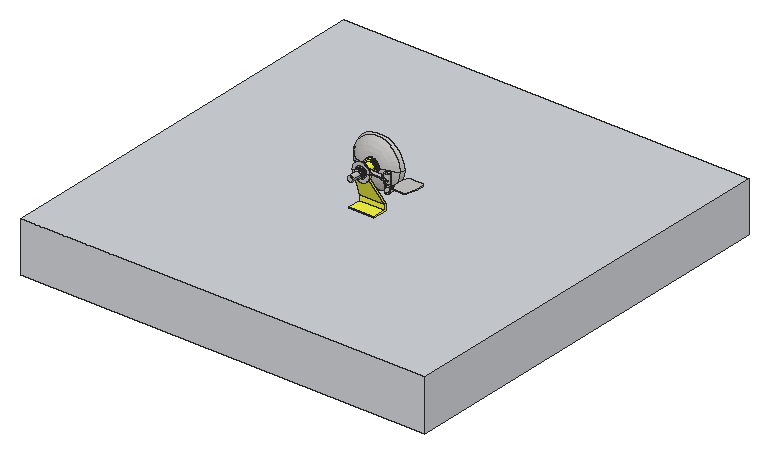
Revit family
Parameters (values of type "S0440")
  Waste Connection = yes
  WFU = 0
  Voltage = 0
  Vent Connection = no
  URL = "http://www.acornsafety.com"
  Type Comments = ""
  Tempered Water Connection = no
  TMV8 - Thermostatic mixing valve is ASSE Listed per the ASSE 1071 standard. The tepid output water complies with ANSI Z358.1 standard. = no
  SV2 - Stainless steel ball valve = no
  SPV - Scald protection valve = no
  SDC - Stainless steel dust covers = no
  Revised Date = "12/07/11"
  Phone# = "626-336-4561"
  PT1 - P-trap, chrome plated brass with 1-1/4" OD waste outlet = no
  Model = "S0440"
  Material = Stainless Steel
  Manufacturer = "Acorn Safety"
  MS1 - MAP (magnetically actuated proximity) switch, for one (1) actuator = no
  LWB - Less wall bracket = no
  HWFU = 0
  HW Connection = no
  FPV - Freeze protection valve = no
  FLW2 - Flow switch, single pole = no
  Designed By = "ATS BIM Team"
  Description = "Wall Mounted Eye/Face Wash, Stainless Steel Bowl"
  Default Elevation = 41 3/4"
  CWFU = 0
  CW Connection = yes
  CS1 - Stainless steel "clam shell" cover = no
  BF - Barrier free, handicap accessible = no
  Assembly Code = ""
  Amperage = 0
  "1" - Auxiliary hand-held drench hose with a self-closing valve (Use model S0441) = no
Reference planes (in)
  plane 1 "Center (Front/Back)": y = 0
  plane 2: z = 0
  plane 3 "Center (Left/Right)": x = 0
  plane 4: z = 8.625
  plane 5: z = 4.40673
  plane 6: z = 5.625
  plane 7: y = -41.74006
  plane 8: y = -10.11506
  plane 9: y = -5.74835
  plane 10: x = 5.375
  plane 11: through (1.55014, -30.98079, 188.625) normal (0.9397, -0.342, 0)
  plane 12: through (-1.55014, -30.98079, 188.625) normal (0.9397, 0.342, 0)
  plane 13: x = -5.87646
  plane 14: y = 0
  plane 15: y = -1.375
Forms (in)
  Extrusion 1, solid
    sketch origin (0, 0, 0) x (1, 0, 0) y (0, 1, 0)
      loop
        line (-48, 48) -> (-48, -48) -> (48, -48) -> (48, 48) -> (-48, 48)
    from 0 to -12
  Sweep 2, solid, material "Stainless Steel" <- "Material"
    path origin (0, -1.375, -3) x (0, 1, 0) y (0, 0, 1)
      loop
        line (-5.125, 11.625) -> (-8.75, 11.625)
    profile origin (0, -8.3125, 8.625) x (0, 0, -1) y (1, 0, 0)
      loop
        circle (0, 0) r 0.625
  Revolve 3, solid, material "Stainless Steel" <- "Material"
    sketch origin (0, -1.375, 8.625) x (1, 0, 0) y (0, 1, 0)
      loop
        line (0, -2.32968) -> (-1.6311, -2.32968)
        arc (-1.6311, -2.32968) -> (-1.61035, -2.33922) -> (-1.60164, -2.36033) r 0.03125
        line (-1.60164, -2.36033) -> (-1.6006, -2.41988)
        arc (-1.6006, -2.41988) -> (-1.59223, -2.44062) -> (-1.57214, -2.45045) r 0.03125
        line (-1.57214, -2.45045) -> (-1.37075, -2.46807) -> (-1.3125, -2.49485) -> (-1.3125, -2.74535)
        arc (-1.3125, -2.74535) -> (-1.29493, -2.78778) -> (-1.2525, -2.80535) r 0.06
        line (-1.2525, -2.80535) -> (-1.06, -2.80535)
        arc (-1.06, -2.80535) -> (-1.01757, -2.82293) -> (-1, -2.86535) r 0.06
        line (-1, -2.86535) -> (-1, -5.2991)
        arc (-1, -5.2991) -> (-0.98169, -5.3433) -> (-0.9375, -5.3616) r 0.0625
        line (-0.9375, -5.3616) -> (-2.12227, -5.3616) -> (-2.12227, -5.4846) -> (-1.208, -5.4846) -> (-1.23, -5.5066) -> (-1.23, -5.5726) -> (-1.208, -5.5946) -> (-0.88864, -5.5946) -> (-0.88864, -5.77969) -> (-0.77351, -5.78129) -> (-0.8364, -5.81762) -> (-0.76442, -5.85919) -> (-0.83853, -5.90201) -> (-0.76194, -5.94625) -> (-0.8318, -5.9866) -> (-0.8725, -5.9866) -> (-0.8725, -6.1186) -> (-0.75392, -6.1186) -> (-0.84276, -6.16992) -> (-0.8875, -6.16992) -> (-0.8875, -6.35128)
        arc (-0.8875, -6.35128) -> (-0.83572, -6.42913) -> (-0.76802, -6.49361) r 0.42036
        line (-0.76802, -6.49361) -> (0, -6.49361) -> (0, -2.32968)
      axis (0, -6.49361) -> (0, -2.32968)
    angle from 0 to 360
  Revolve 4, solid, material "Stainless Steel" <- "Material"
    sketch origin (0, -1.375, 8.625) x (1, 0, 0) y (0, 1, 0)
      loop
        arc (-5.60187, -0.75443) -> (-3.85502, -1.86466) -> (-1.83814, -2.32968) r 6.125
        line (-1.83814, -2.32968) -> (0, -2.32968) -> (0, -2.2789) -> (-1.83669, -2.2789)
        arc (-1.83669, -2.2789) -> (-3.83029, -1.81996) -> (-5.55846, -0.72522) r 6.07422
        line (-5.55846, -0.72522) -> (-5.82242, 0) -> (-5.87646, 0) -> (-5.60187, -0.75443)
      axis (0, -2.32968) -> (0, 0)
    angle from 0 to 360
  Revolve 5, solid, material "Stainless Steel" <- "Material"
    sketch origin (0, -2.0742, 8.625) x (1, 0, 0) y (0, 1, 0)
      loop
        arc (1.05924, -4.1121) -> (1.01669, -4.12781) -> (1.00052, -4.17019) r 0.05484
        arc (1.00052, -4.17019) -> (0.91578, -3.92832) -> (0.88302, -3.67413) r 1.22956
        line (0.88302, -3.67413) -> (6.05564, -3.67413)
        arc (6.05564, -3.67413) -> (5.7098, -4.25204) -> (5.03698, -4.22226) r 0.6573
        arc (5.03698, -4.22226) -> (5.01202, -4.21128) -> (4.98485, -4.2091) r 0.0818
        line (4.98485, -4.2091) -> (4.41846, -4.2091)
        arc (4.41846, -4.2091) -> (4.34107, -4.1771) -> (4.309, -4.09973) r 0.10938
        line (4.309, -4.09973) -> (4.309, -4.0116) -> (1.125, -4.0116) -> (1.125, -4.05166)
        arc (1.125, -4.05166) -> (1.10741, -4.09405) -> (1.065, -4.1116) r 0.06
      axis (0.88302, -3.67413) -> (6.05564, -3.67413)
    angle from 0 to 360
  Revolve 6, solid, material "Stainless Steel" <- "Material"
    sketch origin (-0.024, -5.74833, -3) x (1, 0, 0) y (0, 0, 1)
      loop
        line (5.399, 12.839) -> (5.399, 8.62565) -> (5.804, 8.62565)
        arc (5.804, 8.62565) -> (5.87471, 8.65494) -> (5.904, 8.72565) r 0.1
        line (5.904, 8.72565) -> (5.904, 9.06306) -> (5.964, 9.0977) -> (5.964, 9.98206) -> (5.93836, 10.0077) -> (5.924, 10.03988)
        arc (5.924, 10.03988) -> (5.91698, 10.05916) -> (5.89921, 10.06942) r 0.03
        arc (5.89921, 10.06942) -> (5.88039, 10.07807) -> (5.86822, 10.09485) r 0.04087
        line (5.86822, 10.09485) -> (5.86822, 10.12924)
        arc (5.86822, 10.12924) -> (5.87421, 10.14786) -> (5.89067, 10.15845) r 0.0289
        arc (5.89067, 10.15845) -> (5.90742, 10.16895) -> (5.914, 10.1876) r 0.03
        line (5.914, 10.1876) -> (5.914, 10.59534)
        arc (5.914, 10.59534) -> (5.89564, 10.63944) -> (5.8515, 10.6577) r 0.0625
        line (5.8515, 10.6577) -> (5.819, 10.6577) -> (5.819, 10.749) -> (5.86775, 10.749) -> (6.05525, 10.9365) -> (6.05498, 12.839) -> (5.399, 12.839)
      axis (5.399, 12.839) -> (5.399, 8.62565)
    angle from 0 to 360
  Extrusion 7, solid, material "Stainless Steel" <- "Material"
    sketch origin (0, -2.0742, -3) x (1, 0, 0) y (0, 1, 0)
      loop
        line (6.2846, -0.66921) -> (6.2846, -4.1741) -> (6.488, -4.1741) -> (9.57746, -4.1741)
        arc (9.57746, -4.1741) -> (9.80604, -4.09647) -> (9.93994, -3.89561) r 0.375
        line (9.93994, -3.89561) -> (10.62602, -1.30609)
        arc (10.62602, -1.30609) -> (10.65111, -1.17911) -> (10.6596, -1.04996) r 1
        line (10.6596, -1.04996) -> (10.6596, -0.30006)
        arc (10.6596, -0.30006) -> (10.29382, 0.58444) -> (9.4096, 0.9509) r 1.25
        line (9.4096, 0.9509) -> (7.738, 0.9509)
        arc (7.738, 0.9509) -> (6.85412, 0.58478) -> (6.488, -0.2991) r 1.25
        arc (6.488, -0.2991) -> (6.47803, -0.37484) -> (6.4488, -0.44541) r 0.29261
        line (6.4488, -0.44541) -> (6.31111, -0.61234)
        arc (6.31111, -0.61234) -> (6.29155, -0.63784) -> (6.2846, -0.66921) r 0.07423
    from 10.1183 to 10.2277
  Revolve 8, solid, material "Stainless Steel" <- "Material"
    sketch origin (0, -5.74835, -3) x (1, 0, 0) y (0, 0, 1)
      loop
        line (6.13144, 10.1733) -> (6.09114, 10.1733) -> (6.09114, 9.19049) -> (6.209, 9.19049) -> (6.224, 9.22124) -> (6.224, 9.9927) -> (6.19418, 10.00789) -> (6.1615, 10.02756) -> (6.1615, 10.14337)
        arc (6.1615, 10.14337) -> (6.15267, 10.16456) -> (6.13144, 10.1733) r 0.03
      axis (6.09114, 9.19049) -> (6.09114, 10.1733)
    angle from 0 to 360
  Sweep 9, solid, material "Stainless Steel" <- "Material"
    path origin (0, -1.375, 0) x (0, 1, 0) y (0, 0, 1)
      loop
        line (-5.53103, 0) -> (-2.03103, 0) -> (-2.03103, 1.40673)
    profile origin (0, -5.15603, 0) x (0, 0, 1) y (1, 0, 0)
      loop
        line (0, -3) -> (0.125, -3) -> (0.125, 3) -> (0, 3) -> (0, -3)
  Extrusion 10, solid, material "Stainless Steel" <- "Material"
    sketch origin (0, 7.63741, 2.18751) x (1, 0, 0) y (0, -0.461749, 0.887011)
      loop
        line (1.85674, 11.625) -> (-1.85674, 11.625) -> (-3, 4.40673) -> (3, 4.40673) -> (1.85674, 11.625)
    from 10.15617 to 10.28117
  Sweep 11, solid, material "Stainless Steel" <- "Material"
    path origin (-60, -6.9558, 8.64981) x (1, 0, 0) y (0, 1, 0)
      loop
        line (57.00731, 5.63196) -> (63.00731, 5.63196)
    profile origin (0.00731, -1.32384, 8.64981) x (0, 1, 0) y (0, 0, 1)
      loop
        circle (0, 0) r 0.1875
  Revolve 12, solid, material "Stainless Steel" <- "Material"
    sketch origin (-60, -7.79778, 8.64981) x (1, 0, 0) y (0, 1, 0)
      loop
        arc (60, 7.03276) -> (59.73106, 6.9776) -> (59.51646, 6.80639) r 0.58813
        arc (59.51646, 6.80639) -> (59.48221, 6.74315) -> (59.47037, 6.67222) r 0.21833
        line (59.47037, 6.67222) -> (59.47037, 6.25676) -> (60, 6.25676) -> (60, 7.03276)
      axis (60, 6.25676) -> (60, 7.03276)
    angle from 0 to 360
  Extrusion 13, solid, material "Stainless Steel" <- "Material"
    sketch origin (0, -8.44409, 8.64981) x (0, 0, 1) y (1, 0, 0)
      loop
        circle (0, 0) r 0.53405
    from 4.90676 to 7.16301
  Revolve 14, solid, material "Stainless Steel" <- "Material"
    sketch origin (-45.12791, -45.44376, 8.625) x (-0.939693, 0.34202, 0) y (-0.34202, -0.939693, 0)
      loop
        line (-24.4214, -56.33842) -> (-24.8189, -56.33842) -> (-24.8189, -56.45978) -> (-25.1814, -56.82228) -> (-25.1814, -56.97228) -> (-24.4214, -56.97228) -> (-24.4214, -56.33842)
      axis (-24.4214, -56.33842) -> (-24.4214, -56.97228)
    angle from 0 to 360
  Revolve 15, solid, material "Stainless Steel" <- "Material"
    sketch origin (0, -40.92278, 8.625) x (1, 0, 0) y (0, 1, 0)
      loop
        line (-1.42667, 37.37892) -> (-1.42667, 37.09732) -> (0, 37.09732) -> (0, 37.61872) -> (-1.18688, 37.61872)
        arc (-1.18688, 37.61872) -> (-1.35644, 37.54848) -> (-1.42667, 37.37892) r 0.23979
      axis (0, 37.09732) -> (0, 37.61872)
    angle from 0 to 360
  Revolve 16, solid, material "Stainless Steel" <- "Material"
    sketch origin (0, -0.97361, 8.625) x (1, 0, 0) y (0, 1, 0)
      loop
        line (-2.91043, 0.11803) -> (-3.16695, -0.58674) -> (-2.93202, -0.67224) -> (-2.67551, 0.03253) -> (-2.91043, 0.11803)
      axis (-3.16695, -0.58674) -> (-2.91043, 0.11803)
    angle from 0 to 360
  Revolve 17, solid, material "Stainless Steel" <- "Material"
    sketch origin (0, -0.97361, 8.625) x (-1, 0, 0) y (0, -1, 0)
      loop
        line (-2.91043, -0.11803) -> (-2.67551, -0.03253) -> (-2.93202, 0.67224) -> (-3.16695, 0.58674) -> (-2.91043, -0.11803)
      axis (-3.16695, 0.58674) -> (-2.91043, -0.11803)
    angle from 0 to 360
  Revolve 18, solid, material "Stainless Steel" <- "Material"
    sketch origin (45.12791, -45.44376, 8.625) x (0.939693, 0.34202, 0) y (-0.34202, 0.939693, 0)
      loop
        line (-24.4214, 56.33842) -> (-24.4214, 56.97228) -> (-25.1814, 56.97228) -> (-25.1814, 56.82228) -> (-24.8189, 56.45978) -> (-24.8189, 56.33842) -> (-24.4214, 56.33842)
      axis (-24.4214, 56.33842) -> (-24.4214, 56.97228)
    angle from 0 to 360
  Extrusion 19, solid, material "Stainless Steel" <- "Material"
    sketch origin (-0.024, -2.07422, 2.57097) x (1, 0, 0) y (0, 1, 0)
      loop
        circle (5.399, -3.67413) r 0.25
    from 3.08593 to 3.05468
  Extrusion 20, solid, material "Stainless Steel" <- "Material"
    sketch origin (0, -2.0742, -3) x (1, 0, 0) y (0, 0, 1)
      loop
        arc (6.22222, 9.1745) -> (6.277, 9.1835) -> (6.32605, 9.20949) r 0.1719
        arc (6.32605, 9.20949) -> (6.37608, 9.26998) -> (6.394, 9.3464) r 0.1719
        line (6.394, 9.3464) -> (6.41663, 9.36903) -> (6.611, 9.36903) -> (6.611, 9.94638) -> (6.394, 9.94638) -> (6.394, 10.0243)
        arc (6.394, 10.0243) -> (6.42153, 10.09077) -> (6.488, 10.1183) r 0.094
        line (6.488, 10.1183) -> (6.488, 10.2277)
        arc (6.488, 10.2277) -> (6.34417, 10.16813) -> (6.2846, 10.0243) r 0.2034
        line (6.2846, 10.0243) -> (6.2846, 9.7667) -> (6.224, 9.7667) -> (6.224, 9.5487) -> (6.2846, 9.5487) -> (6.2846, 9.34649)
        arc (6.2846, 9.34649) -> (6.26699, 9.30292) -> (6.224, 9.28393) r 0.0625
        line (6.224, 9.28393) -> (6.02308, 9.28393) -> (6.02308, 9.1745) -> (6.22222, 9.1745)
    from 4.1741 to 3.10815
Dimensions and locks (in)
  plane 4 to Extrusion 1 = 8 5/8"
  plane 6 to Extrusion 1 = 5 5/8"
  plane 3 "Center (Left/Right)" to plane 10 = 5 3/8"
  plane 7 to plane 1 "Center (Front/Back)" = 41.74006"
  plane 15 to plane 7 = 40.36506"
  plane 9 to plane 7 = 35.99172"
  plane 8 to plane 7 = 31 5/8"
  aligned and locked: plane 2 to Extrusion 1
  aligned and locked: level to Extrusion 1
Connectors (in)
  piping at (5.375, -5.74835, 5.62565)
    settings: on Extrusion 19, index 9
  piping at (0, -10.125, 8.625)
    settings: on Sweep 2, index 10
